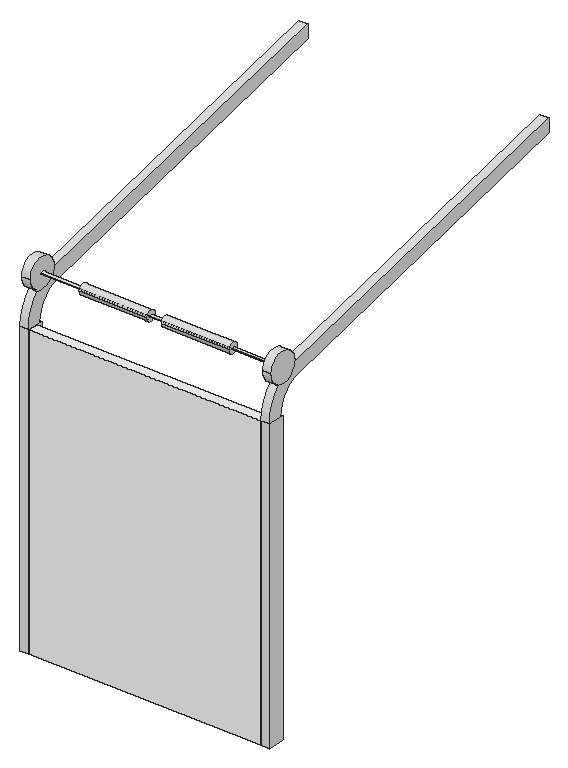
Revit family "Thermalweight-XLT-312P", category Generic Models, host Wall, Revit 2026
Family settings
  Host = Wall
  Can host rebar = No
  Round Connector Dimension = Use Diameter
  Part Type = Normal
  Always vertical = Yes
  Cut with Voids When Loaded = Yes
  Maintain Annotation Orientation = No
  Shared = No
  Room Calculation Point = No
Parameters (values of type "8' x 10'")
  VerticalTrack = TrackHeight - (1' 6")  # 10' - 0"
  Type Comments = "Insulated"  # constant formula
  TrackWidth = 0' - 3 1/2"
  TrackHeight = OpeningHeight + HeadRoom  # 11' - 6"
  TrackDepth = 0' - 6 7/8"  # constant formula
  PanelSize = 2' - 0"  # constant formula
  OpeningWidth = 8' - 0"
  OpeningHeight = 10' - 0"
  Model = "Thermalweight"  # constant formula
  Manufacturer = "TKO"  # constant formula
  HorizTrack = OpeningHeight - HeadRoom + 2' 0"  # 10' - 6"
  HeadRoom = 1' - 6"  # constant formula
  DoorThk = 0' - 4"  # constant formula
  Description = "Sectional Door"  # constant formula
  Default Elevation = 0' - 0"
Types (16): name | VerticalTrack | TrackHeight | OpeningWidth | OpeningHeight | HorizTrack
  (no name) | 10' - 0" | 11' - 6" | 8' - 0" | 10' - 0" | 10' - 6"
  8' x 10' | 10' - 0" | 11' - 6" | 8' - 0" | 10' - 0" | 10' - 6"
  9' x 10' | 10' - 0" | 11' - 6" | 9' - 0" | 10' - 0" | 10' - 6"
  10' x 10' | 10' - 0" | 11' - 6" | 10' - 0" | 10' - 0" | 10' - 6"
  10' x 11' | 11' - 0" | 12' - 6" | 10' - 0" | 11' - 0" | 11' - 6"
  9' x 11' | 11' - 0" | 12' - 6" | 9' - 0" | 11' - 0" | 11' - 6"
  8' x 11' | 11' - 0" | 12' - 6" | 8' - 0" | 11' - 0" | 11' - 6"
  10' x 12' | 12' - 0" | 13' - 6" | 10' - 0" | 12' - 0" | 12' - 6"
  8' x 12' | 12' - 0" | 13' - 6" | 8' - 0" | 12' - 0" | 12' - 6"
  9' x 12' | 12' - 0" | 13' - 6" | 9' - 0" | 12' - 0" | 12' - 6"
  10' x 8' | 8' - 0" | 9' - 6" | 10' - 0" | 8' - 0" | 8' - 6"
  10' x 9' | 9' - 0" | 10' - 6" | 10' - 0" | 9' - 0" | 9' - 6"
  8' x 9' | 9' - 0" | 10' - 6" | 8' - 0" | 9' - 0" | 9' - 6"
  8' x 8' | 8' - 0" | 9' - 6" | 8' - 0" | 8' - 0" | 8' - 6"
  9' x 9' | 9' - 0" | 10' - 6" | 9' - 0" | 9' - 0" | 9' - 6"
  9' x 8' | 9' - 0" | 10' - 6" | 9' - 0" | 9' - 0" | 9' - 6"
Reference planes (in)
  plane 1: y = 0
  plane 2 "Center (Left/Right)": x = 0
  plane 3 "Wall Edge": y = 3
  plane 4: x = -48
  plane 5: x = 48
  plane 6: z = 120
  plane 7: y = 3
  plane 8: y = 7
  plane 9: z = 24
  plane 10: z = 48
  plane 11: z = 72
  plane 12: x = -51.5
  plane 13: x = 51.5
  plane 14: y = 9.875
  plane 15: z = 138
  plane 16: z = 96
  plane 17: z = 120
  plane 18: x = -3
  plane 19: x = 3
  plane 20: x = 31
  plane 21: x = -31
  plane 22: z = 120
  plane 23: y = 21
  plane 24: y = 147
  plane 25: y = 12
Forms (in)
  Extrusion 1, void
    sketch origin (0, 3, 0) x (1, 0, 0) y (0, 0, 1)
      loop
        line (48, 120) -> (-48, 120) -> (-48, 0) -> (48, 0) -> (48, 120)
    from 0 to 6
  Extrusion 2, solid, material "DOOR PANEL"
    sketch origin (0, 0, 0) x (1, 0, 0) y (0, 1, 0)
      loop
        line (-48, 7) -> (-48, 3) -> (48, 3) -> (48, 7) -> (-48, 7)
    from 0 to 120
  Extrusion 3, solid, material "Steel"
    sketch origin (0, 0, 0) x (1, 0, 0) y (0, 1, 0)
      loop
        line (-51.5, 9.875) -> (-51.5, 3) -> (-48, 3) -> (-48, 9.875) -> (-51.5, 9.875)
      loop
        line (48, 9.875) -> (48, 3) -> (51.5, 3) -> (51.5, 9.875) -> (48, 9.875)
    from 0 to 120
  Extrusion 4, solid, material "Steel"
    sketch origin (0, 0, 0) x (0, 1, 0) y (0, 0, 1)
      loop
        circle (9.875, 138) r 6
    from 48 to 51.5
  Extrusion 5, solid, material "Steel"
    sketch origin (0, -26.69959, 27.92704) x (0, 1, 0) y (0, 0, -1)
      loop
        circle (36.57459, -110.07296) r 6
    from 48 to 51.5
  Extrusion 6, solid, material "Steel"
    sketch origin (0, 0, 0) x (0, 1, 0) y (0, 0, 1)
      loop
        circle (9.875, 138) r 0.5
    from -48 to 48
  Extrusion 7, solid, material "Steel"
    sketch origin (0, 0, 0) x (0, 1, 0) y (0, 0, 1)
      loop
        circle (9.875, 138) r 2
    from 3 to 31
  Extrusion 8, solid, material "Steel"
    sketch origin (0, 0, 0) x (0, 1, 0) y (0, 0, -1)
      loop
        circle (9.875, -138) r 2
    from 3 to 31
  Extrusion 9, solid, material "Steel"
    sketch origin (0, 0, 0) x (0, 1, 0) y (0, 0, 1)
      loop
        line (3, 120) -> (8.375, 120)
        arc (8.375, 120) -> (11.05136, 127.77273) -> (17.94574, 132.24998) r 12.625
        line (17.94574, 132.24998) -> (147, 164.42683) -> (147, 169.96637) -> (16.64541, 137.46532)
        arc (16.64541, 137.46532) -> (6.81581, 131.08191) -> (3, 120) r 18
    from 48 to 51.5
  Extrusion 10, solid, material "Steel"
    sketch origin (0, 0, 0) x (0, 1, 0) y (0, 0, -1)
      loop
        arc (3, -120) -> (6.81581, -131.08191) -> (16.64541, -137.46532) r 18
        line (16.64541, -137.46532) -> (147, -169.96637) -> (147, -164.42683) -> (17.94574, -132.24998)
        arc (17.94574, -132.24998) -> (11.05136, -127.77273) -> (8.375, -120) r 12.625
        line (8.375, -120) -> (3, -120)
    from 48 to 51.5
Cuts and joins
  joined: Extrusion 3, Extrusion 4, Extrusion 5
Lines and regions (in)
  model lines
    curve 1: line (48, 3, 24) -> (-48, 3, 24)
    curve 2: line (-48, 3, 48) -> (48, 3, 48)
    curve 3: line (48, 3, 72) -> (-48, 3, 72)
    curve 4: line (48, 3, 96) -> (-48, 3, 96)
    curve 5: line (48, 3, 120) -> (-48, 3, 120)
Text (in)
  text "Placement Side" at (0, 40.15149, 123.01588), in view "Right"
  text "Placement Side" at (-70.3804, 83.26548, 0), in view "Ref. Level"
  text "Placement Side" at (0, 81.62555, 140.59947), in view "Left"
Dimensions and locks (in)
  locked: plane 3 "Wall Edge" to host wall
  equal spacing: plane 5, plane 2 "Center (Left/Right)", plane 4
  "OpeningWidth": plane 5 to plane 4
  "DoorThk": plane 7 to plane 8
  "TrackDepth": plane 14 to plane 7
  "TrackWidth": plane 12 to plane 4
  "TrackWidth": plane 5 to plane 13
  "PanelSize": plane 9 to level
  equal spacing: plane 17, plane 16, plane 11, plane 10, plane 9, level
  "OpeningHeight": level to plane 6
  equal spacing: plane 18, plane 2 "Center (Left/Right)", plane 19, locked at 3 each
  locked: plane 21 to plane 18 at 28
  locked: plane 19 to plane 20 at 28
  "VerticalTrack": level to plane 22
  "HeadRoom": plane 6 to plane 15
  locked: plane 7 to plane 23 at 18
  "HorizTrack": plane 24 to plane 23
  locked: plane 7 to plane 25 at 9
  radius of Extrusion 4 sketch curve = 0' - 6"
  radius of Extrusion 5 sketch curve = 0' - 6"
  radius of Extrusion 6 sketch curve = 0' - 0 1/2"
  radius of Extrusion 7 sketch curve = 0' - 2"
  radius of Extrusion 8 sketch curve = 0' - 2"
  radius of Extrusion 9 sketch curve = 1' - 6"
  radius of Extrusion 9 sketch curve = 1' - 0 5/8"
  radius of Extrusion 10 sketch curve = 1' - 6"
  radius of Extrusion 10 sketch curve = 1' - 0 5/8"
  locked: plane 22 to Extrusion 9 sketch curve (angle 14.00°)  (x2)
  aligned and locked: host wall to plane 7
  aligned and locked: Extrusion 1 sketch curve to plane 5
  aligned and locked: Extrusion 1 sketch curve to plane 4
  aligned and locked: Extrusion 1 to plane 7
  aligned and locked: host wall to Extrusion 1
  aligned and locked: Extrusion 2 to plane 3 "Wall Edge"
  aligned and locked: plane 8 to Extrusion 2
  aligned and locked: Extrusion 2 to plane 6
  aligned and locked: Extrusion 3 sketch curve to plane 14  (x2)
  aligned and locked: Extrusion 3 sketch curve to plane 12
  aligned and locked: curve 1 to Extrusion 3 sketch curve
  aligned and locked: plane 5 to Extrusion 3 sketch curve
  aligned and locked: Extrusion 3 sketch curve to plane 7
  aligned and locked: Extrusion 3 sketch curve to plane 13
  aligned and locked: plane 15 to Extrusion 4 sketch curve
  aligned and locked: Extrusion 3 to Extrusion 4 sketch curve
  aligned and locked: plane 13 to Extrusion 4
  aligned and locked: Extrusion 4 to plane 5
  aligned and locked: plane 4 to Extrusion 5
  aligned and locked: Extrusion 5 to plane 12
  aligned and locked: curve 2 to plane 10
  aligned and locked: curve 3 to plane 11
  aligned and locked: curve 1 to plane 9
  aligned and locked: cut or joined group of Extrusion 3, Extrusion 4, Extrusion 5 to Extrusion 6 sketch curve
  aligned and locked: plane 5 to Extrusion 6
  aligned and locked: Extrusion 6 to plane 4
  aligned and locked: cut or joined group of Extrusion 3, Extrusion 4, Extrusion 5 to level
  aligned and locked: Extrusion 2 to level
  aligned and locked: curve 4 to plane 16
  aligned and locked: curve 5 to plane 17
  aligned and locked: level to Extrusion 2
  aligned and locked: Extrusion 1 sketch curve to level
  aligned and locked: Extrusion 1 sketch curve to plane 6
  aligned and locked: plane 15 to Extrusion 7 sketch curve
  aligned and locked: plane 14 to Extrusion 7 sketch curve
  aligned and locked: Extrusion 7 to plane 20
  aligned and locked: plane 19 to Extrusion 7
  aligned and locked: Extrusion 8 to plane 18
  aligned and locked: plane 21 to Extrusion 8
  aligned and locked: plane 15 to Extrusion 8 sketch curve
  aligned and locked: plane 14 to Extrusion 8 sketch curve
  aligned and locked: plane 22 to cut or joined group of Extrusion 3, Extrusion 4, Extrusion 5
  aligned and locked: Extrusion 9 sketch curve to cut or joined group of Extrusion 3, Extrusion 4, Extrusion 5
  aligned and locked: plane 24 to Extrusion 9 sketch curve
  aligned and locked: plane 22 to Extrusion 9 sketch curve
  aligned and locked: plane 13 to Extrusion 9
  aligned and locked: Extrusion 9 to plane 5
  aligned and locked: Extrusion 10 to plane 12
  aligned and locked: plane 4 to Extrusion 10
  aligned and locked: plane 24 to Extrusion 10
  aligned and locked: Extrusion 10 to plane 22
  aligned and locked: Extrusion 9 to Extrusion 10  (x2)
  aligned and locked: Extrusion 9 to plane 22
  aligned and locked: plane 24 to Extrusion 9
  aligned and locked: Extrusion 10 sketch curve to Extrusion 9  (x2)
  aligned and locked: Extrusion 10 sketch curve to plane 24
  aligned and locked: Extrusion 10 sketch curve to plane 22
  aligned and locked: plane 14 to Extrusion 5 sketch curve
  aligned and locked: plane 15 to Extrusion 5 sketch curve
  aligned and locked: Extrusion 2 to plane 4
  aligned and locked: Extrusion 2 to plane 5
Automatic sketch dimensions
  Extrusion 2 sketch curve to host wall = 0' - 0"
  Extrusion 2 sketch curve to plane 4 = 0' - 0"
  plane 5 to Extrusion 2 sketch curve = 0' - 0"
  Extrusion 2 sketch curve to plane 8 = 0' - 0"
  curve 3 to plane 4 = 0' - 0"
  curve 1 to plane 4 = 0' - 0"
  curve 2 to plane 4 = 0' - 0"
  curve 4 to plane 4 = 0' - 0"
  curve 5 to plane 4 = 0' - 0"
  curve 4 to plane 5 = 0' - 0"
  curve 2 to plane 5 = 0' - 0"
  curve 5 to plane 5 = 0' - 0"
  curve 1 to plane 5 = 0' - 0"
  curve 3 to plane 5 = 0' - 0"
  Extrusion 3 sketch curve to plane 4 = 0' - 0"
  Extrusion 3 sketch curve to plane 13 = 0' - 0"
  Extrusion 6 sketch curve to plane 15 = 0' - 0"
  Extrusion 9 sketch curve to Extrusion 9 sketch curve = 0' - 0"
  Extrusion 9 sketch curve to host wall = 0' - 0"
  Extrusion 9 sketch curve to plane 15 = 0' - 0.53468"
  Extrusion 9 sketch curve to plane 23 = 0' - 3.05426"
  Extrusion 10 sketch curve to plane 15 = 0' - 0.53468"
  Extrusion 10 sketch curve to plane 23 = 0' - 3.05426"
